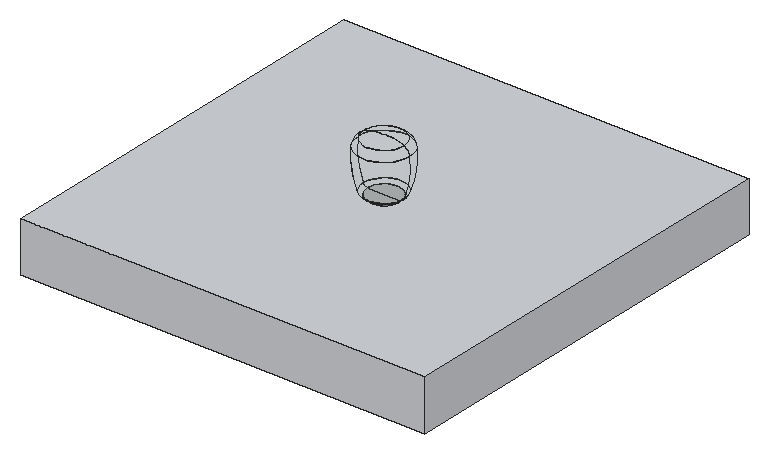
Revit family "GALAD Икар LED", category Осветительные приборы, Revit 2018
Family settings
  Основа = Грань
  Размер круглого соединителя = Использовать диаметр
  Тип детали = Нормальный
  При загрузке вырезать с полостями = Нет
  Источник света = Да
  Общий = Нет
  Точка расчета площади = Нет
Parameters
  built-in parameter 1150104 = 13.8 (stored number, unit not read)
  Частота = "50"  # constant formula
  Цветопередача = 80  # constant formula
  built-in parameter 1150134 = 2
  Файл фотометрической сетки = "GALAD Ikar (3700-750-RAL7040-D-0-GEN1).ies"
  Угол наклона = 90.00°
  Тип устройства управления светодиодами = "Без управления"  # constant formula
  Тип продукции = "Светильник"  # constant formula
  Тип монтажной поверхности = "Торшер"  # constant formula
  Тип источника света = "LED"  # constant formula
  Тип ПРА = "ЭПРА"  # constant formula
  Тип КСС = 0  # constant formula
  Срок службы = "12 лет"  # constant formula
  built-in parameter 1150137 = (empty or 0)
  built-in parameter 1150132 = 2
  built-in parameter 1150114 = 1 (stored number, unit not read)
  Снижение светового потока во время разгорания = "не более 6%"  # constant formula
  Dimming Lamp Color Temperature Shift = (empty or 0)
  built-in parameter 1150105 = 294.44 (stored number, unit not read)
  Color Filter = 16777215
  Lumens = 3700 lm
  Световая отдача = 93  # constant formula
  Рассеиватель [instance] = Ударопрочный поликарбонат
  built-in parameter 1150109 = 1 (stored number, unit not read)
  built-in parameter 1150112 = 1 (stored number, unit not read)
  built-in parameter 1150110 = 1 (stored number, unit not read)
  built-in parameter 1150113 = 1 (stored number, unit not read)
  built-in parameter 1150115 = 1 (stored number, unit not read)
  built-in parameter 1114218 = 1 (stored number, unit not read)
  built-in parameter 1114217 = 1 (stored number, unit not read)
  Apparent Load = ADSK_Номинальная мощность / ADSK_Коэффициент мощности  # 41.6667 VA
  Default Elevation = 0 mm
  built-in parameter 1150106 = 2.9444 (stored number, unit not read)
  Описание = "Классическая, привычная всем, форма светильника в современном светодиодном исполнении. Такие светильники освещают парки, скверы, бульвары, а иногда даже и улицы каждого российского города. Цельнолитое основание обеспечивает оптимальный теплоотвод, а антивандальный рассеиватель из ударопрочного светостабилизированного поликарбоната лучше сохраняет свой внешний вид и оптические свойства, по сравнению с обычным поликарбонатом."
  Область использования = "Садово-парковое освещение"  # constant formula
  built-in parameter 1150142 = "IESNA:LM-63-1995\r\n[TEST] \r\r\n[DATA] 10.10.2014\r\r\n[MORE] МЕВ\r\r\n[MANUFAC] GALAD\r\r\n[LUMCAT] \r\r\n[LUMINAIRE] GALAD Икар LED-40-С??/Т60 (3700/750/RAL7040/D/0/GEN1)\r\r\n[LAMPCAT] \r\r\n[LAMP] СД 40 Вт\r\nTILT=NONE\r\n1    3700 3.70 37 1 1 2 0.32 0.32 0.405\r\n1.0 1.0 40\r\n0.0 5.0 10.0 15.0 20.0 25.0 30.0 35.0 40.0 45.0 50.0 55.0 60.0 65.0 70.0 75.0 80.0 85.0 90.0 95.0 100.0 105.0 110.0 115.0 120.0 125.0 130.0 135.0 140.0 145.0 150.0 155.0 160.0 165.0 170.0 175.0 180.0\r\n0.0\r\n30.9 30.9 30.9 32.2 33.4 35.9 39.6 44.5 48.3 52.0 54.4 58.2 63.1 66.8 69.3 74.2 77.9 81.7 85.4 89.1 91.6 94.0 96.5 97.8 100.2 101.5 101.5 101.5 102.7 105.2 105.2 105.2 105.2 105.2 105.2 105.2 105.2\r\n30.9 30.9 30.9 32.2 33.4 35.9 39.6 44.5 48.3 52.0 54.4 58.2 63.1 66.8 69.3 74.2 77.9 81.7 85.4 89.1 91.6 94.0 96.5 97.8 100.2 101.5 101.5 101.5 102.7 105.2 105.2 105.2 105.2 105.2 105.2 105.2 105.2\r\n"
  built-in parameter 1150133 = 10 (stored number, unit not read)
  Wattage = 24.9088 W
  Коэффициент пульсации = "менее 10%"  # constant formula
  built-in parameter 1150139 = (empty or 0)
  Корпус [instance] = Литой алюминий
  Код по ETIM = 0
  Климатическое исполнение = " -40…40 °С"  # constant formula
  Климатическая зона = "У1"  # constant formula
  Класс светораспределения = "Р"  # constant formula
  Класс защиты от поражения электрическим током = "1"  # constant formula
  Класс Защиты = "1"  # constant formula
  built-in parameter 1150138 = (empty or 0)
  built-in parameter 1150107 = 5000 (stored number, unit not read)
  built-in parameter 1150102 = (empty or 0)
  Изготовитель = "Лихославльский завод Светотехника"  # constant formula
  Диапазон цветовой температуры = "5028±283"  # constant formula
  Группа модели = "Светильники"  # constant formula
  Возможный угол наклона = "0"  # constant formula
  Блок аварийного питания = 1 = 0  # no
  URL = "https://galad.ru/catalog/outdoor/park/ikar/"
  IP = "54"  # constant formula
  ADSK_Энергоэффективность = 93 lm/W  # constant formula
  ADSK_Ток = ADSK_Номинальная мощность / (ADSK_Коэффициент мощности * ADSK_Напряжение * sqrt(ADSK_Количество фаз))  # 0.181159 A
  ADSK_Размер_Ширина = 316 mm  # constant formula
  ADSK_Размер_Длина = 316 mm  # constant formula
  ADSK_Размер_Высота = 424 mm  # constant formula
  ADSK_Примечание = ""
  ADSK_Полная мощность = ADSK_Номинальная мощность / ADSK_Коэффициент мощности  # 41.6667 VA
  ADSK_Позиция [instance] = ""
  ADSK_Обозначение = "ГОСТ 54350, ГОСТ 12.2.007.0, ГОСТ 17516.1, ГОСТ 15150"  # constant formula
  ADSK_Номинальная мощность = 40 W  # constant formula
  ADSK_Напряжение = 230 V  # constant formula
  ADSK_Наименование краткое = "GALAD Икар LED-40"  # constant formula
  ADSK_Наименование = "GALAD Икар LED-40-СПШ/Т60 (3700/750/RAL7040/D/0/GEN1)"  # constant formula
  ADSK_Материал наименование = ""
  ADSK_Масса_Текст = "2.7"  # constant formula
  ADSK_Масса = 2.7  # constant formula
  ADSK_Марка = ADSK_Наименование  # "GALAD Икар LED-40-СПШ/Т60 (3700/750/RAL7040/D/0/GEN1)"
  ADSK_Коэффициент мощности = 0.96  # constant formula
  ADSK_Количество фаз = 1  # constant formula
  ADSK_Количество = 1  # constant formula
  ADSK_Код изделия = "13840"  # constant formula
  ADSK_Классификация нагрузок = Освещение
  ADSK_Завод-изготовитель = Изготовитель  # "Лихославльский завод Светотехника"
  ADSK_Единица измерения = "шт."  # constant formula
  ADSK_Группирование [instance] = ""
  ADSK_Версия семейства = "1.01"  # constant formula
  ADSK_Версия Revit = "2018"  # constant formula
Reference planes
  plane 1 "По центру (Вперед/Назад)": y = 0
  plane 2: z = 0
  plane 3 "По центру (Влево/Вправо)": x = 0
  plane 4: z = 347
  plane 5: x = 158
  plane 6: x = -158
  plane 7: y = -158
  plane 8: y = 158
  plane 9: z = 23
  plane 10: z = -77
Forms (mm)
  Extrusion 1, solid
    sketch origin (0, 0, 0) x (1, 0, 0) y (0, 1, 0)
      loop
        line (-1219.2, 1219.2) -> (-1219.2, -1219.2) -> (1219.2, -1219.2) -> (1219.2, 1219.2) -> (-1219.2, 1219.2)
    from 0 to -304.8
  Extrusion 2, solid, material "Литой алюминий" <- "Корпус", detail levels coarse+medium
    sketch origin (0, 0, 0) x (1, 0, 0) y (0, 1, 0)
      loop
        circle (0, 0) r 30
    from -77 to 23
  Revolve 3, solid, material "Литой алюминий" <- "Корпус", detail levels fine
    sketch origin (0, 0, 0) x (1, 0, 0) y (0, 0, 1)
      loop
        line (0, -77) -> (36.642, -77) -> (37.883, -53.319)
        arc (37.883, -53.319) -> (52.53, -17.417) -> (80.331, 9.612) r 94.754
        arc (80.331, 9.612) -> (91.04, 14.769) -> (99.614, 23) r 37.738
        line (99.614, 23) -> (0, 23) -> (0, -77)
      axis (0, -77) -> (0, 23)
    angle from 0 to 360
  Revolve 4, solid, material "Ударопрочный поликарбонат" <- "Рассеиватель", detail levels medium+fine
    sketch origin (0, 0, 0) x (1, 0, 0) y (0, 0, 1)
      loop
        line (0, 23) -> (0, 347)
        arc (0, 347) -> (-61.643, 341.941) -> (-121.113, 324.952) r 315.471
        arc (-121.113, 324.952) -> (-144.727, 307.297) -> (-156.145, 280.114) r 56.17
        arc (-156.145, 280.114) -> (-153.023, 158.968) -> (-124.264, 41.245) r 567.784
        arc (-124.264, 41.245) -> (-113.602, 28.743) -> (-98.208, 23) r 32.718
        line (-98.208, 23) -> (0, 23)
      axis (0, 347) -> (0, 23)
    angle from 0 to 360
  Extrusion 5, solid, material "Ударопрочный поликарбонат" <- "Рассеиватель", detail levels coarse
    sketch origin (0, 0, 23) x (1, 0, 0) y (0, 1, 0)
      loop
        circle (0, 0) r 158
    from 0 to 324
Dimensions and locks
  equal spacing: plane 6, plane 3 "По центру (Влево/Вправо)", plane 5
  "ADSK_Размер_Ширина": plane 6 to plane 5
  equal spacing: plane 7, plane 1 "По центру (Вперед/Назад)", plane 8
  "ADSK_Размер_Длина": plane 7 to plane 8
  locked: plane 9 to plane 2 at 23
  locked: plane 10 to plane 2 at 77
  "ADSK_Размер_Высота": plane 4 to plane 10
  aligned and locked: plane 2 to Extrusion 1
  aligned and locked: level to Extrusion 1
  aligned and locked: plane 9 to Extrusion 2
  aligned and locked: Extrusion 2 to plane 10
  aligned and locked: plane 3 "По центру (Влево/Вправо)" to Revolve 3 sketch curve
  aligned and locked: Revolve 4 sketch curve to plane 3 "По центру (Влево/Вправо)"
  aligned and locked: plane 4 to Extrusion 5
Automatic sketch dimensions
  Extrusion 1 sketch curve to Extrusion 1 sketch curve = 2438.4 mm  (x2)
  plane 1 "По центру (Вперед/Назад)" to Extrusion 2 sketch curve = 0 mm
  Extrusion 2 sketch curve to plane 3 "По центру (Влево/Вправо)" = 0 mm
  Revolve 3 sketch curve to plane 3 "По центру (Влево/Вправо)" = 0 mm
  Revolve 3 sketch curve to plane 10 = 0 mm
  Revolve 3 sketch curve to plane 9 = 0 mm
  Revolve 3 sketch curve to Revolve 3 sketch curve = 36.642 mm
  plane 10 to Revolve 3 sketch curve = 23.681 mm
  Revolve 3 sketch curve to Revolve 3 sketch curve = 1.241 mm
  plane 9 to Revolve 3 sketch curve = 22.767 mm
  plane 3 "По центру (Влево/Вправо)" to Revolve 3 sketch curve = 69.518 mm
  Revolve 3 sketch curve to Revolve 3 sketch curve = 30.096 mm
  plane 10 to Revolve 3 sketch curve = 6.597 mm
  Revolve 3 sketch curve to Revolve 3 sketch curve = 94.443 mm
  Revolve 3 sketch curve to Revolve 3 sketch curve = 25 mm
  Revolve 3 sketch curve to Revolve 3 sketch curve = 65 mm
  Revolve 4 sketch curve to plane 9 = 0 mm
  Revolve 4 sketch curve to plane 3 "По центру (Влево/Вправо)" = 0 mm
  Revolve 4 sketch curve to plane 4 = 0 mm
  Revolve 4 sketch curve to plane 3 "По центру (Влево/Вправо)" = 5.141 mm
  Revolve 4 sketch curve to plane 6 = 63.164 mm
  Revolve 4 sketch curve to Revolve 4 sketch curve = 3.372 mm
  Revolve 4 sketch curve to plane 6 = 57.535 mm
  Revolve 4 sketch curve to plane 4 = 112.918 mm
  plane 9 to Revolve 4 sketch curve = 8.571 mm
  plane 9 to Revolve 4 sketch curve = 32.544 mm
  Revolve 4 sketch curve to plane 4 = 74.285 mm
  Revolve 4 sketch curve to Revolve 4 sketch curve = 0 mm
  plane 9 to Revolve 4 sketch curve = 18.245 mm
  Revolve 4 sketch curve to plane 6 = 1.855 mm
  Revolve 4 sketch curve to Revolve 4 sketch curve = 110.429 mm
  Revolve 4 sketch curve to plane 4 = 70 mm
  radius of Extrusion 2 sketch curve = 30 mm
  radius of Extrusion 5 sketch curve = 158 mm
Connectors
  electrical at (0, 0, -77), driven by "ADSK_Количество фаз", driven by "ADSK_Классификация нагрузок", driven by "ADSK_Напряжение", driven by "ADSK_Полная мощность", driven by "ADSK_Коэффициент мощности"
    settings: on Extrusion 2, index 1, voltage 230 V, apparent load 41.6667 VA, apparent load phase1 0 VA, apparent load phase2 0 VA, apparent load phase3 0 VA, power factor 0.96, load classification "Освещение", number of poles 1, system type 30, power factor state 1, is connector primary yes, connector utility no, sub classification motor no, connector description ""
